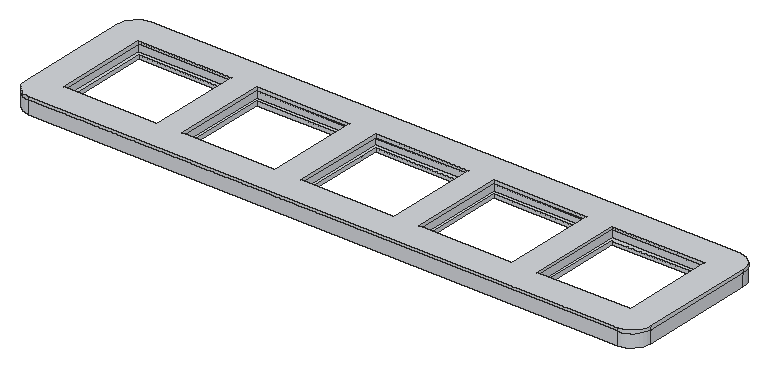
Revit family "Gira_0215427", category Electrical Fixtures, host Face, Revit 2017
Family settings
  Host = Face
  Maintain Annotation Orientation = No
  Round Connector Dimension = Use Diameter
  Part Type = Normal
  Cut with Voids When Loaded = No
  Shared = No
  Room Calculation Point = No
Parameters (values of type "Abdeckrahmen 5f Gira E3 Sand/Anthrazit")
  Werkstoffgüte = "sonstige"
  Werkstoff = "sonstige"
  URL = "http://katalog.gira.de/de_DE/datenblatt.html?artikelnr=0215427"
  Transparent = "No"
  Textfeld/Beschriftungsfläche = "No"
  Schutzart (IP) = "IP20"
  Region = "DE"
  Oberfläche = "sonstige"
  Name = "Abdeckrahmen 5f Gira E3 Sand/Anthrazit"
  Montagerichtung = "horizontal und vertikal"
  Mit Montagerahmen = "No"
  Mit Klappdeckel = "No"
  Manufacturer URL = "https://www.gira.de/"
  Keynote = "E3_Rahmen_5fach"
  HeinzeBIM = "https://bimportal.heinze.de/bim/abdeckrahmen-5f-gira-e3-sand-anthrazit/bf482813b412b719210a0537f9559d9848b2023b"
  Halogenfrei = "No"
  HAN = "0215427"
  Geeignet für Unterputz-Installation = "Yes"
  Geeignet für Unterflurkanaldose = "No"
  Geeignet für Geräteeinbaukanal = "No"
  Geeignet für Einbauinstallation = "No"
  GTIN = "4010337024613"
  Farbe = "sonstige"
  Default Elevation = 1219.2 mm
  Data sheet (1) = "https://katalog.gira.de/de_DE/download.html?artikelnr=0215427"
  Category = "Abdeckrahmen"
  Befestigungsart = "Klemmbefestigung"
  Available = "Yes"
  Anzahl der Einheiten vertikal = "5 "
  Anzahl der Einheiten horizontal = "5 "
  Anzahl der Einheiten = "5 "
Reference planes
  plane 1 "Center (Front/Back)": y = 0
  plane 2: z = 0
  plane 3 "Center (Left/Right)": x = 0
Forms (mm)
  Extrusion 1, solid, detail levels fine
    sketch origin (0, 0, 0) x (1, 0, 0) y (0, 1, 0)
      loop
        arc (-177.4, 45.809) -> (-185.185, 42.585) -> (-188.409, 34.8) r 11.009
        line (-188.409, 34.8) -> (-188.409, -34.8)
        arc (-188.409, -34.8) -> (-185.185, -42.585) -> (-177.4, -45.809) r 11.009
        line (-177.4, -45.809) -> (177.4, -45.809)
        arc (177.4, -45.809) -> (185.185, -42.585) -> (188.409, -34.8) r 11.009
        line (188.409, -34.8) -> (188.409, 34.8)
        arc (188.409, 34.8) -> (185.185, 42.585) -> (177.4, 45.809) r 11.009
        line (177.4, 45.809) -> (-177.4, 45.809)
      loop
        line (-114.5, 28.187) -> (-170.756, 28.187) -> (-170.756, -28.187) -> (-114.5, -28.187) -> (-114.5, 28.187)
      loop
        line (-99.6, 28.187) -> (-99.6, -28.187) -> (-43.344, -28.187) -> (-43.344, 28.187) -> (-99.6, 28.187)
      loop
        line (114.5, 28.187) -> (114.5, -28.187) -> (170.756, -28.187) -> (170.756, 28.187) -> (114.5, 28.187)
      loop
        line (28.301, 28.187) -> (-27.955, 28.187) -> (-27.955, -28.187) -> (28.301, -28.187) -> (28.301, 28.187)
      loop
        line (43.143, 28.187) -> (43.143, -28.187) -> (99.399, -28.187) -> (99.399, 28.187) -> (43.143, 28.187)
    from 7.65 to 9.5
  Extrusion 2, solid, detail levels fine
    sketch origin (-142.8, 0, 0) x (1, 0, 0) y (0, 1, 0)
      loop
        line (26.1, 25.7) -> (-25.7, 25.7) -> (-25.7, -25.7) -> (26.1, -25.7) -> (26.1, 25.7)
      loop
        line (-28.187, -28.156) -> (28.187, -28.156) -> (28.187, 28.156) -> (-28.187, 28.156) -> (-28.187, -28.156)
    from 1.65 to 3.9
  Extrusion 3, solid, detail levels fine
    sketch origin (0, 0, 0) x (1, 0, 0) y (0, 1, 0)
      loop
        arc (-177.4, 45.809) -> (-185.185, 42.585) -> (-188.409, 34.8) r 11.009
        line (-188.409, 34.8) -> (-188.409, -34.8)
        arc (-188.409, -34.8) -> (-185.185, -42.585) -> (-177.4, -45.809) r 11.009
        line (-177.4, -45.809) -> (177.4, -45.809)
        arc (177.4, -45.809) -> (185.185, -42.585) -> (188.409, -34.8) r 11.009
        line (188.409, -34.8) -> (188.409, 34.8)
        arc (188.409, 34.8) -> (185.185, 42.585) -> (177.4, 45.809) r 11.009
        line (177.4, 45.809) -> (-177.4, 45.809)
      loop
        line (-186.443, 34.785) -> (-186.443, -34.785)
        arc (-186.443, -34.785) -> (-183.79, -41.19) -> (-177.385, -43.843) r 9.058
        line (-177.385, -43.843) -> (177.385, -43.843)
        arc (177.385, -43.843) -> (183.79, -41.19) -> (186.443, -34.785) r 9.058
        line (186.443, -34.785) -> (186.443, 34.785)
        arc (186.443, 34.785) -> (183.79, 41.19) -> (177.385, 43.843) r 9.058
        line (177.385, 43.843) -> (-177.385, 43.843)
        arc (-177.385, 43.843) -> (-183.79, 41.19) -> (-186.443, 34.785) r 9.058
    from 0 to 7.65
  Extrusion 4, solid, detail levels fine
    sketch origin (-35.75, 0, 0) x (1, 0, 0) y (0, 1, 0)
      loop
        line (-134.256, -31.075) -> (205.755, -31.075)
        arc (205.755, -31.075) -> (208.399, -29.98) -> (209.494, -27.337) r 3.739
        line (209.494, -27.337) -> (209.494, 27.337)
        arc (209.494, 27.337) -> (208.399, 29.98) -> (205.755, 31.075) r 3.739
        line (205.755, 31.075) -> (-134.256, 31.075)
        arc (-134.256, 31.075) -> (-136.899, 29.98) -> (-137.994, 27.337) r 3.739
        line (-137.994, 27.337) -> (-137.994, -27.337)
        arc (-137.994, -27.337) -> (-136.899, -29.98) -> (-134.256, -31.075) r 3.739
      loop
        line (-136.844, 27.537) -> (-136.844, -27.537)
        arc (-136.844, -27.537) -> (-136.145, -29.226) -> (-134.456, -29.925) r 2.389
        line (-134.456, -29.925) -> (205.955, -29.925)
        arc (205.955, -29.925) -> (207.644, -29.226) -> (208.344, -27.537) r 2.389
        line (208.344, -27.537) -> (208.344, 27.537)
        arc (208.344, 27.537) -> (207.644, 29.226) -> (205.955, 29.925) r 2.389
        line (205.955, 29.925) -> (-134.456, 29.925)
        arc (-134.456, 29.925) -> (-136.145, 29.226) -> (-136.844, 27.537) r 2.389
    from 1.65 to 7.65
  Extrusion 5, solid, detail levels fine
    sketch origin (0, 0, 0) x (1, 0, 0) y (0, 1, 0)
      loop
        line (-174.653, -39.8) -> (174.653, -39.8)
        arc (174.653, -39.8) -> (180.267, -36.708) -> (182.5, -30.7) r 9.2
        line (182.5, -30.7) -> (182.5, 30.7)
        arc (182.5, 30.7) -> (179.805, 37.205) -> (173.3, 39.9) r 9.2
        line (173.3, 39.9) -> (-173.3, 39.9)
        arc (-173.3, 39.9) -> (-179.805, 37.205) -> (-182.5, 30.7) r 9.2
        line (-182.5, 30.7) -> (-182.5, -30.7)
        arc (-182.5, -30.7) -> (-180.267, -36.708) -> (-174.653, -39.8) r 9.2
      loop
        line (-173.3, -31.7) -> (173.3, -31.7)
        arc (173.3, -31.7) -> (174.007, -31.407) -> (174.3, -30.7) r 1
        line (174.3, -30.7) -> (174.3, 30.7)
        arc (174.3, 30.7) -> (174.007, 31.407) -> (173.3, 31.7) r 1
        line (173.3, 31.7) -> (-173.3, 31.7)
        arc (-173.3, 31.7) -> (-174.007, 31.407) -> (-174.3, 30.7) r 1
        line (-174.3, 30.7) -> (-174.3, -30.7)
        arc (-174.3, -30.7) -> (-174.007, -31.407) -> (-173.3, -31.7) r 1
    from 1.65 to 3.9
  Extrusion 6, solid, detail levels fine
    sketch origin (-142.8, 0, 0) x (1, 0, 0) y (0, 1, 0)
      loop
        line (-28.187, 28.156) -> (-28.187, -28.156) -> (28.187, -28.156) -> (28.187, 28.156) -> (-28.187, 28.156)
      loop
        line (-29.925, 29.925) -> (-29.925, -29.925) -> (29.925, -29.925) -> (29.925, 29.925) -> (-29.925, 29.925)
    from 1.65 to 7.65
  Extrusion 7, solid, detail levels coarse+medium
    sketch origin (0, 0, 0) x (1, 0, 0) y (0, 1, 0)
      loop
        line (-188.409, 45.809) -> (-188.409, -45.809) -> (188.409, -45.809) -> (188.409, 45.809) -> (-188.409, 45.809)
    from 0 to 9.5
  Extrusion 8, solid, detail levels fine
    sketch origin (-71.3, 0, 0) x (-1, 0, 0) y (0, -1, 0)
      loop
        line (25.9, -25.7) -> (25.9, 25.7) -> (-25.9, 25.7) -> (-25.9, -25.7) -> (25.9, -25.7)
      loop
        line (-28.187, 28.156) -> (-28.187, -28.156) -> (28.187, -28.156) -> (28.187, 28.156) -> (-28.187, 28.156)
    from 1.65 to 3.9
  Extrusion 9, solid, detail levels fine
    sketch origin (-71.3, 0, 0) x (-1, 0, 0) y (0, -1, 0)
      loop
        line (-28.187, -28.156) -> (28.187, -28.156) -> (28.187, 28.156) -> (-28.187, 28.156) -> (-28.187, -28.156)
      loop
        line (-29.925, -29.925) -> (29.925, -29.925) -> (29.925, 29.925) -> (-29.925, 29.925) -> (-29.925, -29.925)
    from 1.65 to 7.65
  Extrusion 10, solid, detail levels fine
    sketch origin (0.2, 0, 0) x (-1, 0, 0) y (0, -1, 0)
      loop
        line (26.1, -25.7) -> (26.1, 25.7) -> (-25.7, 25.7) -> (-25.7, -25.7) -> (26.1, -25.7)
      loop
        line (-28.187, 28.156) -> (-28.187, -28.156) -> (28.187, -28.156) -> (28.187, 28.156) -> (-28.187, 28.156)
    from 1.65 to 3.9
  Extrusion 11, solid, detail levels fine
    sketch origin (0.2, 0, 0) x (-1, 0, 0) y (0, -1, 0)
      loop
        line (-28.187, -28.156) -> (28.187, -28.156) -> (28.187, 28.156) -> (-28.187, 28.156) -> (-28.187, -28.156)
      loop
        line (-29.925, -29.925) -> (29.925, -29.925) -> (29.925, 29.925) -> (-29.925, 29.925) -> (-29.925, -29.925)
    from 1.65 to 7.65
  Extrusion 12, solid, detail levels fine
    sketch origin (71.5, 0, 0) x (-1, 0, 0) y (0, -1, 0)
      loop
        line (26.1, -25.7) -> (26.1, 25.7) -> (-25.7, 25.7) -> (-25.7, -25.7) -> (26.1, -25.7)
      loop
        line (-28.187, 28.156) -> (-28.187, -28.156) -> (28.187, -28.156) -> (28.187, 28.156) -> (-28.187, 28.156)
    from 1.65 to 3.9
  Extrusion 13, solid, detail levels fine
    sketch origin (71.5, 0, 0) x (-1, 0, 0) y (0, -1, 0)
      loop
        line (-28.187, -28.156) -> (28.187, -28.156) -> (28.187, 28.156) -> (-28.187, 28.156) -> (-28.187, -28.156)
      loop
        line (-29.925, -29.925) -> (29.925, -29.925) -> (29.925, 29.925) -> (-29.925, 29.925) -> (-29.925, -29.925)
    from 1.65 to 7.65
  Extrusion 14, solid, detail levels fine
    sketch origin (142.8, 0, 0) x (-1, 0, 0) y (0, -1, 0)
      loop
        line (26.1, -25.7) -> (26.1, 25.7) -> (-25.7, 25.7) -> (-25.7, -25.7) -> (26.1, -25.7)
      loop
        line (-28.187, 28.156) -> (-28.187, -28.156) -> (28.187, -28.156) -> (28.187, 28.156) -> (-28.187, 28.156)
    from 1.65 to 3.9
  Extrusion 15, solid, detail levels fine
    sketch origin (142.8, 0, 0) x (-1, 0, 0) y (0, -1, 0)
      loop
        line (-28.187, -28.156) -> (28.187, -28.156) -> (28.187, 28.156) -> (-28.187, 28.156) -> (-28.187, -28.156)
      loop
        line (-29.925, -29.925) -> (29.925, -29.925) -> (29.925, 29.925) -> (-29.925, 29.925) -> (-29.925, -29.925)
    from 1.65 to 7.65
Dimensions and locks
  aligned and locked: plane 2 to host face
  aligned and locked: level to host face
